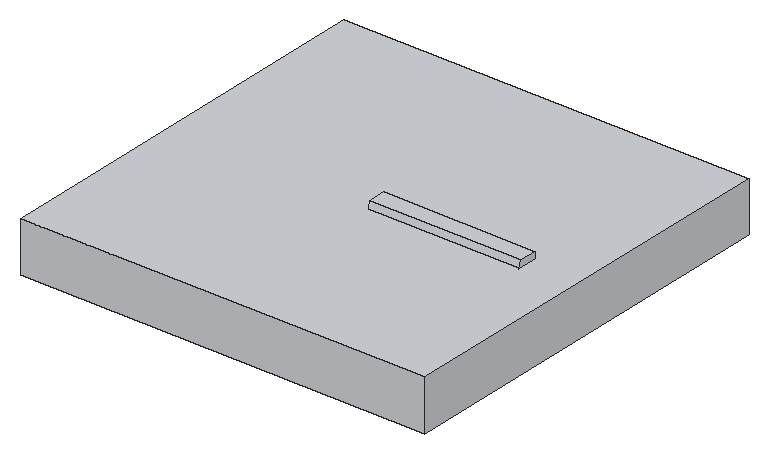
Revit family
Parameters
  Width = 1' - 0"
  WashHeight = 0' - 2"
  WashDepth = 0' - 7"
  URL = "www.coldspringgranite.com"
  TypicalJointSize = 0' - 0 1/4"
  StoneMaterial = none
  SillOverhang = 0' - 1 1/2"
  Product Name = "Sill Stone with Face Surface Washed"
  Product Documentation Link = "http://www.coldspringgranite.com/BIM_Families/Family_Detail/Sill_Stone_with_Face_Surface_Washed/"
  PhoneNumber = "800-551-7502"
  Notes = ""
  Model = "N/A"
  Manufacturer = "Cold Spring Granite Company"
  Low Emitting Material = yes
  Low Emitting Finish = yes
  Location = "17482 Granite West Road, Cold Spring, MN 56320-4578"
  Length = 3' - 0"
  LEED Credit = ""
  Keynote = "044256"
  JointRightOff = no
  JointRight = if(JointRightOff, 0' 0", TypicalJointSize / 2)  # 0' - 0 1/8"
  JointLeftOff = no
  JointLeft = if(JointLeftOff, 0' 0", TypicalJointSize / 2)  # 0' - 0 1/8"
  JointBottomOff = no
  JointBottom = if(JointBottomOff, 0' 0", TypicalJointSize)  # 0' - 0 1/4"
  Height = 0' - 6 1/8"
  Description = "Stone Washed Sill"
  Default Elevation = 0' - 0"
  Assembly Code = "B2010160"
Reference planes (in)
  plane 1 "Center (Front/Back)": y = 0
  plane 2: z = 0
  plane 3 "Center (Left/Right)": x = 0
  plane 4 "StoneBottom": y = -0.25
  plane 5 "Wash Height": y = -4.375
  plane 6 "StoneTop": y = -6.375
  plane 7 "StoneFace": z = 1.5
  plane 8 "WashDepth": z = -5.5
  plane 9 "StoneBack": z = -10.5
  plane 10 "StoneRight": x = 0.125
  plane 11 "StoneLeft": x = 35.875
  plane 12 "JointCenterLeft": x = 36
Forms (in)
  Extrusion 1, solid
    sketch origin (0, 0, 0) x (1, 0, 0) y (0, 1, 0)
      loop
        line (-48, 48) -> (-48, -48) -> (48, -48) -> (48, 48) -> (-48, 48)
    from 0 to -12
  Extrusion 2, solid, material <- "StoneMaterial", detail levels medium+fine
    sketch origin (0.25, 0, 0) x (0, 0, 1) y (0, -1, 0)
      loop
        line (1.5, 0.25) -> (1.5, 4.375) -> (-5.5, 6.375) -> (-10.5, 6.375) -> (-10.5, 0.25) -> (1.5, 0.25)
    from -0.125 to 35.625
  Extrusion 3, solid, material <- "StoneMaterial", detail levels coarse
    sketch origin (0.25, 0, 0) x (0, 0, 1) y (0, -1, 0)
      loop
        line (1.5, 0) -> (1.5, 6.375) -> (-10.5, 6.375) -> (-10.5, 0) -> (1.5, 0)
    from -0.25 to 35.75
Lines and regions (in)
  Masking region 1, detail levels coarse
    outline origin (0, 0, -10.5) x (0, 1, 0) y (-1, 0, 0)
      loop
        line (0, 0) -> (-6.375, 0) -> (-6.375, -36) -> (0, -36) -> (0, 0)
  Masking region 2, detail levels medium+fine
    outline origin (0, 0, -10.5) x (0, 1, 0) y (-1, 0, 0)
      loop
        line (-0.25, -0.125) -> (-6.375, -0.125) -> (-6.375, -35.875) -> (-0.25, -35.875) -> (-0.25, -0.125)
  Masking region 3, detail levels coarse
    outline origin (0, -0.25, 0) x (-1, 0, 0) y (0, 0, 1)
      loop
        line (-36, 1.5) -> (-36, -10.5) -> (0, -10.5) -> (0, 1.5) -> (-36, 1.5)
  Masking region 4, detail levels medium+fine
    outline origin (0, -0.25, 0) x (-1, 0, 0) y (0, 0, 1)
      loop
        line (-35.875, 1.5) -> (-35.875, -10.5) -> (-0.125, -10.5) -> (-0.125, 1.5) -> (-35.875, 1.5)
  Masking region 5, detail levels coarse
    outline origin (0, 0, 1.5) x (0, 1, 0) y (-1, 0, 0)
      loop
        line (0, 0) -> (-6.375, 0) -> (-6.375, -36) -> (0, -36) -> (0, 0)
  Masking region 6, detail levels medium+fine
    outline origin (0, 0, 1.5) x (0, 1, 0) y (-1, 0, 0)
      loop
        line (-0.25, -0.125) -> (-4.375, -0.125) -> (-4.375, -35.875) -> (-0.25, -35.875) -> (-0.25, -0.125)
  Masking region 7, detail levels medium+fine
    outline origin (0, 0, 1.5) x (0, 1, 0) y (-1, 0, 0)
      loop
        line (-4.375, -0.125) -> (-6.375, -0.125) -> (-6.375, -35.875) -> (-4.375, -35.875) -> (-4.375, -0.125)
  Masking region 8, detail levels coarse
    outline origin (0, -6.375, 0) x (-1, 0, 0) y (0, 0, 1)
      loop
        line (0, 1.5) -> (-36, 1.5) -> (-36, -10.5) -> (0, -10.5) -> (0, 1.5)
  Masking region 9, detail levels medium+fine
    outline origin (0, -6.375, 0) x (-1, 0, 0) y (0, 0, 1)
      loop
        line (-0.125, 1.5) -> (-35.875, 1.5) -> (-35.875, -5.5) -> (-0.125, -5.5) -> (-0.125, 1.5)
  Masking region 10, detail levels medium+fine
    outline origin (0, -6.375, 0) x (-1, 0, 0) y (0, 0, 1)
      loop
        line (-0.125, -5.5) -> (-35.875, -5.5) -> (-35.875, -10.5) -> (-0.125, -10.5) -> (-0.125, -5.5)
  Masking region 11, detail levels coarse
    outline origin (35.875, 0, 0) x (0, 1, 0) y (0, 0, 1)
      loop
        line (-6.375, 1.5) -> (-6.375, -10.5) -> (0, -10.5) -> (0, 1.5) -> (-6.375, 1.5)
  Masking region 12
    outline origin (35.875, 0, 0) x (0, 1, 0) y (0, 0, 1)
      loop
        line (-6.375, -5.5) -> (-6.375, -10.5) -> (-0.25, -10.5) -> (-0.25, 1.5) -> (-4.375, 1.5) -> (-6.375, -5.5)
  Masking region 13, detail levels coarse
    outline origin (0.125, 0, 0) x (0, 1, 0) y (0, 0, 1)
      loop
        line (0, 1.5) -> (-6.375, 1.5) -> (-6.375, -10.5) -> (0, -10.5) -> (0, 1.5)
  Masking region 14, detail levels medium+fine
    outline origin (0.125, 0, 0) x (0, 1, 0) y (0, 0, 1)
      loop
        line (-0.25, -10.5) -> (-0.25, 1.5) -> (-4.375, 1.5) -> (-6.375, -5.5) -> (-6.375, -10.5) -> (-0.25, -10.5)
Dimensions and locks (in)
  "Height": plane 4 "StoneBottom" to plane 6 "StoneTop"
  "JointBottom": plane 1 "Center (Front/Back)" to plane 4 "StoneBottom"
  "SillOverhang": plane 7 "StoneFace" to plane 2
  "Width": plane 7 "StoneFace" to plane 9 "StoneBack"
  "WashHeight": plane 5 "Wash Height" to plane 6 "StoneTop"
  "WashDepth": plane 7 "StoneFace" to plane 8 "WashDepth"
  "Length": plane 3 "Center (Left/Right)" to plane 12 "JointCenterLeft"
  "JointRight": plane 3 "Center (Left/Right)" to plane 10 "StoneRight"
  "JointLeft": plane 11 "StoneLeft" to plane 12 "JointCenterLeft"
  aligned and locked: plane 2 to Extrusion 1
  aligned and locked: level to Extrusion 1
  aligned and locked: plane 7 "StoneFace" to Extrusion 2 sketch curve  (x2)
  aligned and locked: plane 4 "StoneBottom" to Extrusion 2 sketch curve
  aligned and locked: plane 9 "StoneBack" to Extrusion 2 sketch curve
  aligned and locked: plane 6 "StoneTop" to Extrusion 2 sketch curve  (x2)
  aligned: plane 8 "WashDepth" to Extrusion 2 sketch curve
  aligned and locked: plane 5 "Wash Height" to Extrusion 2 sketch curve
  aligned and locked: plane 8 "WashDepth" to Extrusion 2 sketch curve
  aligned and locked: Extrusion 3 to plane 6 "StoneTop"
  aligned and locked: plane 7 "StoneFace" to Extrusion 3
  aligned and locked: Extrusion 3 to plane 1 "Center (Front/Back)"
  aligned and locked: Extrusion 3 to plane 9 "StoneBack"
  aligned and locked: plane 12 "JointCenterLeft" to Extrusion 3
  aligned and locked: plane 11 "StoneLeft" to Extrusion 2
  aligned and locked: Extrusion 3 to plane 3 "Center (Left/Right)"
  aligned and locked: Extrusion 2 to plane 10 "StoneRight"
  aligned and locked: plane 3 "Center (Left/Right)" to Masking region 1 sketch curve
  aligned and locked: plane 1 "Center (Front/Back)" to Masking region 1 sketch curve
  aligned and locked: plane 6 "StoneTop" to Masking region 1 sketch curve
  aligned and locked: Masking region 1 sketch curve to plane 12 "JointCenterLeft"
  aligned and locked: Masking region 2 sketch curve to plane 4 "StoneBottom"
  aligned and locked: plane 10 "StoneRight" to Masking region 2 sketch curve
  aligned and locked: plane 6 "StoneTop" to Masking region 2 sketch curve
  aligned and locked: Masking region 2 sketch curve to plane 11 "StoneLeft"
  aligned and locked: Masking region 3 sketch curve to plane 12 "JointCenterLeft"
  aligned and locked: Masking region 3 sketch curve to plane 7 "StoneFace"
  aligned and locked: plane 9 "StoneBack" to Masking region 3 sketch curve
  aligned and locked: plane 3 "Center (Left/Right)" to Masking region 3 sketch curve
  aligned and locked: Masking region 4 sketch curve to plane 7 "StoneFace"
  aligned and locked: Masking region 4 sketch curve to plane 11 "StoneLeft"
  aligned and locked: plane 9 "StoneBack" to Masking region 4 sketch curve
  aligned and locked: plane 10 "StoneRight" to Masking region 4 sketch curve
  aligned and locked: plane 3 "Center (Left/Right)" to Masking region 5 sketch curve
  aligned and locked: plane 1 "Center (Front/Back)" to Masking region 5 sketch curve
  aligned and locked: plane 6 "StoneTop" to Masking region 5 sketch curve
  aligned and locked: Masking region 5 sketch curve to plane 12 "JointCenterLeft"
  aligned and locked: Masking region 6 sketch curve to plane 4 "StoneBottom"
  aligned and locked: Masking region 6 sketch curve to plane 11 "StoneLeft"
  aligned and locked: plane 5 "Wash Height" to Masking region 6 sketch curve
  aligned and locked: plane 10 "StoneRight" to Masking region 6 sketch curve
  aligned and locked: Masking region 7 sketch curve to plane 11 "StoneLeft"
  aligned and locked: Masking region 7 sketch curve to plane 5 "Wash Height"
  aligned and locked: plane 6 "StoneTop" to Masking region 7 sketch curve
  aligned and locked: plane 10 "StoneRight" to Masking region 7 sketch curve
  aligned and locked: Masking region 8 sketch curve to plane 7 "StoneFace"
  aligned and locked: plane 3 "Center (Left/Right)" to Masking region 8 sketch curve
  aligned and locked: plane 9 "StoneBack" to Masking region 8 sketch curve
  aligned and locked: Masking region 8 sketch curve to plane 12 "JointCenterLeft"
  aligned and locked: plane 10 "StoneRight" to Masking region 9 sketch curve
  aligned and locked: Masking region 9 sketch curve to plane 7 "StoneFace"
  aligned and locked: plane 8 "WashDepth" to Masking region 9 sketch curve
  aligned and locked: Masking region 9 sketch curve to plane 11 "StoneLeft"
  aligned and locked: plane 10 "StoneRight" to Masking region 10 sketch curve
  aligned and locked: Masking region 10 sketch curve to plane 8 "WashDepth"
  aligned and locked: plane 9 "StoneBack" to Masking region 10 sketch curve
  aligned and locked: Masking region 10 sketch curve to plane 11 "StoneLeft"
  aligned and locked: plane 1 "Center (Front/Back)" to Masking region 11 sketch curve
  aligned and locked: Masking region 11 sketch curve to plane 7 "StoneFace"
  aligned and locked: plane 6 "StoneTop" to Masking region 11 sketch curve
  aligned and locked: plane 9 "StoneBack" to Masking region 11 sketch curve
  aligned and locked: Masking region 12 sketch curve to plane 6 "StoneTop"
  aligned and locked: Masking region 12 sketch curve to Extrusion 2
  aligned and locked: Masking region 12 sketch curve to plane 9 "StoneBack"
  aligned and locked: Masking region 12 sketch curve to plane 4 "StoneBottom"
  aligned and locked: Masking region 12 sketch curve to plane 7 "StoneFace"
  aligned and locked: plane 1 "Center (Front/Back)" to Masking region 13 sketch curve
  aligned and locked: Masking region 13 sketch curve to plane 7 "StoneFace"
  aligned and locked: plane 6 "StoneTop" to Masking region 13 sketch curve
  aligned and locked: plane 9 "StoneBack" to Masking region 13 sketch curve
  aligned and locked: plane 4 "StoneBottom" to Masking region 14 sketch curve
  aligned and locked: plane 7 "StoneFace" to Masking region 14 sketch curve
  aligned and locked: Masking region 14 sketch curve to Extrusion 2
  aligned and locked: plane 6 "StoneTop" to Masking region 14 sketch curve
  aligned and locked: plane 9 "StoneBack" to Masking region 14 sketch curve
Automatic sketch dimensions
  Extrusion 1 sketch curve to Extrusion 1 sketch curve = 8' - 0"  (x2)
  plane 4 "StoneBottom" to Extrusion 3 sketch curve = 0' - 0 1/4"
  plane 9 "StoneBack" to Extrusion 3 sketch curve = 0' - 0"
  Extrusion 3 sketch curve to plane 7 "StoneFace" = 0' - 0"
  Extrusion 3 sketch curve to plane 5 "Wash Height" = 0' - 2"
Nested families (in)
  nested 1: "CopyRight" at (0, 0, 1.5), type "CopyRight"
Definition of nested family "CopyRight"
  Parameters (values of type "CopyRight")
    CopyRight = "Cold Spring Granite Company"
  Reference planes (in)
    plane 1: z = 0
